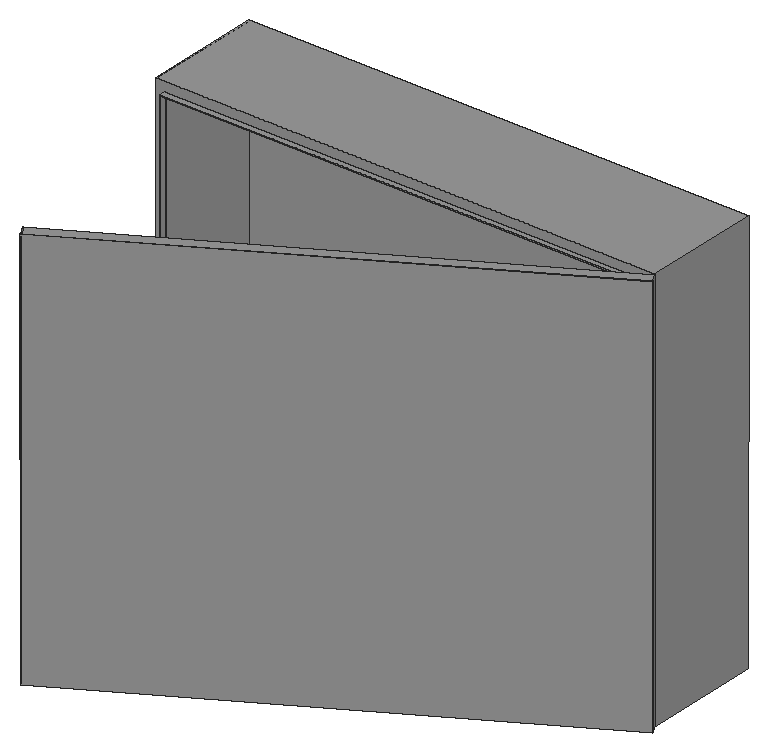
Revit family "Hager-Univers-IP54-D205-H650-Cl.II-Encl-NoHosted-DE-de", category Equipement électrique, Revit 2020
Family settings
  Configuration du panneau = Deux colonnes, circuits au sein
  Cote de connecteur circulaire = Utiliser le diamètre
  Type d'élément = Tableau de raccordement
  Basée sur le plan de construction = Oui
  Toujours verticalement = Oui
  Couper avec des vides une fois chargée = Non
  Partagée = Non
  Point de calcul de pièce = Non
Parameters (values of type "Aufputz IP54 B800 H650 T205  - FP43SW2")
  Width Control [instance] = if([EF000008 - Breite] > Min Width, [EF000008 - Breite], Min Width)  # 800 mm
  Commentaires du type = [HG000003 - Bereich]  # "Univers"
  Thickness Door [instance] = if([EF009171 - Materialstärke Tür/Deckel] > 3 mm, 3 mm, [EF009171 - Materialstärke Tür/Deckel])  # 1 mm
  Seal Frame Offset [instance] = 17 mm  # constant formula
  Plinth Visibility [instance] = [HG000027 - Sockelhöhe] > 0 mm  # no
  Min Width [instance] = 100 mm  # constant formula
  Min Depth [instance] = (2 * [EF009170 - Materialstärke Gehäuse]) + 1 mm  # 3 mm
  Min Height [instance] = 100 mm  # constant formula
  Internal Frame Depth [instance] = (Door System Depth * 0.5)  # 9 mm
  Panel Name [instance] = ""  # (empty or 0)
  Model = ""
  HG000027 - Sockelhöhe = 0 mm
  HG000026 - Stehend auf dem Boden = no
  HG000024 - Höhe des unteren Teils = 600 mm
  HG000023 - Gehäuse mit doppeltem Querschnitt = no
  HG000016 - 3D-Türsichtbarkeit [instance] = yes
  HG000015 - Sichtbarkeit der Türöffnung [instance] = no
  HG000014 - Tür rechts [instance] = yes
  HG000013 - Tür links [instance] = not([HG000014 - Tür rechts])  # no
  HG000012 - Türschwenkwinkel [instance] = 30.00°
  HG000010 - Asymmetrische Türen = no
  HG000009 - Doppelflügeligen Tür = no
  HG000006 - Unterputz = no
  HG000004 - Herstellerreferenz = "FP43SW2"
  HG000003 - Bereich = "Univers"
  HG000002 - Mit tür = yes
  Frame Offset Bottom [instance] = 10 mm  # constant formula
  Frame Offset [instance] = 15 mm  # constant formula
  EF015940 - Deckel mit Überdruckentlastung = no
  EF011959 - Schutzart (NEMA) = ""
  EF009554 - Anzahl der Öffnungen für Flanschplatten = 6
  EF009212 - Ausführung Deckel = "EV000116 - geschlossen"
  EF009171 - Materialstärke Tür/Deckel = 1 mm
  EF009170 - Materialstärke Gehäuse = 1 mm
  EF008873 - Nennstrom (In) = 250 A
  EF007800 - Geeignet für Blitzschutz = no
  EF006306 - Mit Schloss = no
  EF006244 - Transparenter Deckel/Tür = no
  EF005474 - Schutzart (IP) = "EV006419 - IP54"
  EF004464 - Art der Tür = "EV002646 - Einzel"
  EF004427 - Anzahl der Module = 144
  EF004293 - Schlagfestigkeit = "EV006815 - IK09"
  EF003532 - Geeignet für Außengebrauch = no
  EF002950 - Breite in Teilungseinheiten = 36
  EF001613 - Funktionserhalt = "EV000494 - ohne"
  EF001596 - Werkstoff des Gehäuses = "EV000179 - Stahl"
  EF001131 - Innentiefe = 143 mm
  EF001088 - Anbaumöglichkeit = yes
  EF000437 - Anzahl der Leitungseinführungen = 6
  EF000339 - Art der Abdeckung = "EV001012 - Deckel"
  EF000266 - Anzahl der Reihen = 4
  EF000218 - Einbautiefe = 205 mm
  EF000118 - Mit Montageplatte = no
  EF000116 - RAL-Nummer = "9010"
  EF000049 - Tiefe = 205 mm
  EF000040 - Höhe = 650 mm
  EF000008 - Breite = 800 mm
  EF000007 - Farbe = "EV000202 - weiß"
  EF000003 - Montageart = "EV000384 - Aufputz"
  Door System Leaf Tolerance [instance] = 1.5 mm  # constant formula
  Door System Depth [instance] = 18 mm  # constant formula
  Door Height [instance] = Height Control - [HG000027 - Sockelhöhe]  # 650 mm
  Description = ""
  Default Elevation = 1219.2 mm
  Connector Offset [instance] = Height Control / 2  # 325 mm
  Fabricant = "Hager"  # constant formula
  Height Control [instance] = if([EF000040 - Höhe] > Min Height, [EF000040 - Höhe], Min Height)  # 650 mm
  Depth Control [instance] = if([EF000049 - Tiefe] > Min Depth, [EF000049 - Tiefe], Min Depth)  # 205 mm
  Bottom Top Plate Trim [instance] = 1.5 mm  # constant formula
  Plinth height Ctrl [instance] = if([HG000027 - Sockelhöhe] > 0 mm, [HG000027 - Sockelhöhe], 12 mm)  # 12 mm
Types (4, lengths in mm): name | Width Control | HG000009 - Doppelflügeligen Tür | HG000004 - Herstellerreferenz | EF009554 - Anzahl der Öffnungen für Flanschplatten | EF004464 - Art der Tür | EF004427 - Anzahl der Module | EF002950 - Breite in Teilungseinheiten | EF000437 - Anzahl der Leitungseinführungen | EF000008 - Breite
  Aufputz IP54 B1050 H650 T205  - FP44SW2 | 1050 | yes | "FP44SW2" | 8 | "EV003602 - Doppel" | 192 | 48 | 8 | 1050
  Aufputz IP54 B300 H650 T205  - FP41SW2 | 300 | no | "FP41SW2" | 2 | "EV002646 - Einzel" | 48 | 12 | 2 | 300
  Aufputz IP54 B550 H650 T205  - FP42SW2 | 550 | no | "FP42SW2" | 4 | "EV002646 - Einzel" | 96 | 24 | 4 | 550
  Aufputz IP54 B800 H650 T205  - FP43SW2 | 800 | no | "FP43SW2" | 6 | "EV002646 - Einzel" | 144 | 36 | 6 | 800
Reference planes
  plane 1 "Center (Front/Back)": y = 0
  plane 2: z = 0
  plane 3 "Center (Left/Right)": x = 0
  plane 4: y = 0
  plane 5: y = 0
  plane 6: z = 0
  plane 7: x = -400
  plane 8: x = 400
  plane 9: x = 399
  plane 10: x = -399
  plane 11: z = 0
  plane 12: z = 1
  plane 13: y = -205
  plane 14: y = -1
  plane 15: x = 0
  plane 16: y = -187
  plane 17: y = -204
  plane 18: y = -186
  plane 19: x = -384
  plane 20: x = 384
  plane 21: z = 11
  plane 22: x = -383
  plane 23: x = 383
  plane 24: z = 0
  plane 25: z = 650
  plane 26: z = 650
  plane 27: z = 634
  plane 28: z = 649
Forms (mm)
  Extrusion 1, solid, material "Hager_Steel_RAL7035_Light_Grey", detail levels medium+fine
    sketch origin (-208.679, -4572, 0) x (-1, 0, 0) y (0, -1, 0)
      loop
        line (191.321, -4385) -> (-608.679, -4385) -> (-608.679, -4572) -> (191.321, -4572) -> (191.321, -4385)
    from 0 to 650
  Extrusion 2, void
    sketch origin (-350.771, -205, 1219.2) x (1, 0, 0) y (0, 0, 1)
      loop
        line (-48.229, -570.2) -> (-48.229, -1218.2) -> (749.771, -1218.2) -> (749.771, -570.2) -> (-48.229, -570.2)
    from -19 to -204
  Extrusion 3, void
    sketch origin (-290.084, -187, 1219.2) x (1, 0, 0) y (0, 0, 1)
      loop
        line (-93.916, -1208.2) -> (674.084, -1208.2) -> (674.084, -585.2) -> (-93.916, -585.2) -> (-93.916, -1208.2)
    from 0 to -1
  Extrusion 4, solid, material "Hager_Steel_RAL7035_Light_Grey", visible <- "Plinth Visibility", detail levels medium+fine
    sketch origin (0, 0, 0) x (1, 0, 0) y (0, 1, 0)
      loop
        line (-400, 0) -> (-400, -187) -> (400, -187) -> (400, 0) -> (-400, 0)
    from 0 to 12 <- "Plinth height Ctrl"
  Extrusion 5, solid, material "Hager_Steel_RAL7035_Light_Grey", detail levels coarse
    sketch origin (0, 0, 0) x (1, 0, 0) y (0, 1, 0)
      loop
        line (-400, 0) -> (-400, -205) -> (400, -205) -> (400, 0) -> (-400, 0)
    from 0 to 650 <- "Height Control"
  Sweep 6, void
    path in 3D
      loop
        line (-400, -187, 12) -> (400, -187, 12) -> (400, 0, 12) -> (-400, 0, 12) -> (-400, -187, 12)
    profile origin (-400, -93.5, 12) x (1, 0, 0) y (0, 0, 1)
      loop
        line (0, 0) -> (0, -1.5) -> (1.5, -1.5)
        arc (1.5, -1.5) -> (1.061, -0.439) -> (0, 0) r 1.5
  Extrusion 7, solid, material "Hager_Steel_RAL7035_Light_Grey", detail levels fine
    sketch origin (-400, -187, 0) x (1, 0, 0) y (0, 0, 1)
      loop
        line (16, 11) -> (784, 11) -> (784, 634) -> (16, 634) -> (16, 11)
      loop
        line (15, 10) -> (785, 10) -> (785, 635) -> (15, 635) -> (15, 10)
    from 0 to 9 <- "Internal Frame Depth"
Cuts and joins
  Extrusion 2, Extrusion 3 cuts Extrusion 1
  Sweep 6 cuts Extrusion 4
Lines and regions (mm)
  Masking region 1
    outline origin (0, 0, 0) x (1, 0, 0) y (0, 1, 0)
      loop
        line (-400, 0) -> (-400, -205) -> (400, -205) -> (400, 0) -> (-400, 0)
  Masking region 2, detail levels coarse
    outline origin (-290.084, -187, 1219.2) x (-1, 0, 0) y (0, 0, 1)
      loop
        line (-690.084, -1219.2) -> (109.916, -1219.2) -> (109.916, -569.2) -> (-690.084, -569.2) -> (-690.084, -1219.2)
  Masking region 3, detail levels coarse
    outline origin (0, 0, 0) x (0, 1, 0) y (0, 0, 1)
      loop
        line (0, 0) -> (0, 650) -> (-205, 650) -> (-205, 0) -> (0, 0)
  Masking region 4, visible <- "Plinth Visibility", detail levels medium+fine
    outline origin (0, 0, 0) x (0, 1, 0) y (0, 0, 1)
      loop
        line (-1.5, 12) -> (-185.5, 12)
        arc (-185.5, 12) -> (-185.939, 10.939) -> (-187, 10.5) r 1.5
        line (-187, 10.5) -> (-187, 0) -> (0, 0) -> (0, 10.5)
        arc (0, 10.5) -> (-1.061, 10.939) -> (-1.5, 12) r 1.5
  Masking region 5, detail levels medium+fine
    outline origin (0, 0, 594.038) x (0, 1, 0) y (0, 0, 1)
      loop
        line (0, -594.038) -> (0, 55.962) -> (-187, 55.962) -> (-187, -594.038) -> (0, -594.038)
  Masking region 6, detail levels medium+fine
    outline origin (-359.7, -187, 1211.883) x (-1, 0, 0) y (0, 0, 1)
      loop
        line (-759.7, -1211.883) -> (40.3, -1211.883) -> (40.3, -561.883) -> (-759.7, -561.883) -> (-759.7, -1211.883)
  Masking region 7, visible <- "Plinth Visibility", detail levels medium+fine
    outline origin (-320.334, -187, 1041.368) x (-1, 0, 0) y (0, 0, 1)
      loop
        line (-720.334, -1041.368) -> (79.666, -1041.368) -> (79.666, -1030.868)
        arc (79.666, -1030.868) -> (78.606, -1030.429) -> (78.166, -1029.368) r 1.5
        line (78.166, -1029.368) -> (-718.834, -1029.368)
        arc (-718.834, -1029.368) -> (-719.273, -1030.429) -> (-720.334, -1030.868) r 1.5
        line (-720.334, -1030.868) -> (-720.334, -1041.368)
  sketch lines
    curve 1: line (-400, 0, 12) -> (-400, -187, 12)
    curve 2: line (-400, -187, 12) -> (400, -187, 12)
    curve 3: line (400, 0, 12) -> (-400, 0, 12)
    curve 4: line (400, -187, 12) -> (400, 0, 12)
Dimensions and locks
  locked: plane 1 "Center (Front/Back)" to plane 5
  "EF009170 - Materialstärke Gehäuse": plane 7 to plane 10
  "EF009170 - Materialstärke Gehäuse": plane 8 to plane 9
  equal spacing: plane 7, plane 3 "Center (Left/Right)", plane 8
  "Width Control": plane 7 to plane 8
  "Depth Control": plane 4 to plane 13
  "EF009170 - Materialstärke Gehäuse": plane 4 to plane 14
  "Height Control": plane 25 to level
  "HG000027 - Sockelhöhe": plane 11 to level
  "EF009170 - Materialstärke Gehäuse": plane 12 to plane 11
  "EF009170 - Materialstärke Gehäuse": plane 17 to plane 13
  "EF009170 - Materialstärke Gehäuse": plane 18 to plane 16
  "Frame Offset Bottom": plane 21 to plane 12
  "Frame Offset": plane 10 to plane 19
  "Frame Offset": plane 9 to plane 20
  "Door System Depth": plane 16 to plane 13
  "Seal Frame Offset": plane 7 to plane 22
  "Seal Frame Offset": plane 8 to plane 23
  "EF009170 - Materialstärke Gehäuse": plane 26 to plane 28
  "Frame Offset": plane 28 to plane 27
  "Connector Offset": plane 2 to connector elem
  "Bottom Top Plate Trim": profile plane to Sweep 6 sketch curve
  "Bottom Top Plate Trim": Sweep 6 sketch curve to Sweep 6 sketch curve
  "Plinth height Ctrl": Masking region 4 sketch curve to level
  "Plinth height Ctrl": Masking region 7 sketch curve to level
  "Thickness Door": Extrusion 7 sketch curve to Extrusion 7 sketch curve  (x4)
  "Bottom Top Plate Trim": radius of Sweep 6 sketch curve
  "Bottom Top Plate Trim": radius of Masking region 4 sketch curve  (x2)
  "Bottom Top Plate Trim": radius of Masking region 7 sketch curve  (x2)
  aligned and locked: Extrusion 2 sketch curve to plane 12
  aligned and locked: Extrusion 2 sketch curve to plane 9
  aligned and locked: Extrusion 2 sketch curve to plane 10
  aligned and locked: Extrusion 2 to plane 14
  aligned and locked: Extrusion 1 sketch curve to plane 4
  aligned and locked: plane 8 to Extrusion 1 sketch curve
  aligned and locked: plane 7 to Extrusion 1 sketch curve
  aligned and locked: Extrusion 2 to plane 18
  aligned and locked: Extrusion 3 sketch curve to plane 19
  aligned and locked: plane 20 to Extrusion 3 sketch curve
  aligned and locked: Extrusion 3 to Extrusion 2
  aligned and locked: Extrusion 3 sketch curve to plane 21
  aligned and locked: plane 3 "Center (Left/Right)" to nested 1
  aligned and locked: Extrusion 1 sketch curve to plane 16
  aligned and locked: Extrusion 4 sketch curve to cut or joined group of Extrusion 1, Extrusion 2, Extrusion 3
  aligned and locked: Masking region 1 sketch curve to plane 7
  aligned and locked: Masking region 1 sketch curve to plane 5
  aligned and locked: Masking region 1 sketch curve to plane 8
  aligned and locked: Masking region 2 sketch curve to level
  aligned and locked: level to Masking region 3 sketch curve
  aligned and locked: plane 1 "Center (Front/Back)" to Masking region 3 sketch curve
  aligned and locked: plane 13 to Masking region 3 sketch curve
  aligned and locked: plane 5 to Masking region 4 sketch curve
  aligned and locked: Masking region 2 sketch curve to plane 8
  aligned and locked: Masking region 2 sketch curve to plane 7
  aligned and locked: plane 7 to nested 2
  aligned and locked: nested 2 to plane 5
  aligned and locked: plane 5 to Masking region 5 sketch curve
  aligned and locked: plane 26 to Masking region 5 sketch curve
  aligned and locked: Extrusion 5 sketch curve to plane 8
  aligned and locked: Extrusion 5 sketch curve to plane 7
  aligned and locked: Extrusion 5 sketch curve to plane 5
  aligned and locked: Extrusion 3 sketch curve to plane 27
  aligned and locked: Extrusion 2 sketch curve to plane 28
  aligned and locked: Masking region 2 to plane 25
  aligned and locked: Extrusion 4 to plane 16
  aligned and locked: profile plane to Sweep 6 sketch curve
  aligned and locked: Masking region 5 sketch curve to plane 24
  aligned and locked: level to Masking region 4 sketch curve
  aligned and locked: Masking region 1 to plane 13
  aligned and locked: nested 1 to plane 16
  aligned and locked: Masking region 3 to plane 25
  aligned and locked: plane 16 to Masking region 4 sketch curve
  aligned and locked: Masking region 5 sketch curve to plane 16
  aligned and locked: plane 24 to plane 11
  aligned and locked: plane 26 to plane 25
  aligned and locked: plane 26 to cut or joined group of Extrusion 1, Extrusion 2, Extrusion 3
  aligned and locked: nested 1 to plane 24
  aligned and locked: Extrusion 1 to Extrusion 3
  aligned and locked: Masking region 6 sketch curve to plane 8
  aligned and locked: Masking region 6 sketch curve to plane 24
  aligned and locked: Masking region 6 sketch curve to plane 7
  aligned and locked: Masking region 6 sketch curve to plane 26
  aligned and locked: Masking region 7 sketch curve to plane 7
  aligned and locked: level to Masking region 7 sketch curve
  aligned and locked: Masking region 7 sketch curve to plane 8
  aligned and locked: Extrusion 7 sketch curve to cut or joined group of Extrusion 1, Extrusion 2, Extrusion 3  (x4)
Automatic sketch dimensions
  plane 19 to Extrusion 3 sketch curve = 0 mm
  Extrusion 3 sketch curve to plane 20 = 0 mm
  Extrusion 3 sketch curve to plane 21 = 0 mm
  Extrusion 4 sketch curve to plane 7 = 0 mm
  Extrusion 4 sketch curve to plane 8 = 0 mm
  Extrusion 4 sketch curve to plane 16 = 0 mm
  Masking region 1 sketch curve to plane 13 = 0 mm
  Masking region 2 sketch curve to plane 25 = 0 mm
  Masking region 3 sketch curve to plane 25 = 0 mm
  Extrusion 5 sketch curve to plane 13 = 0 mm
  profile plane to Sweep 6 sketch curve = 0 mm
Nested families
  nested 1: "EC000058_Univers_Door" at (0, -187, 0), Double <- "HG000009 - Doppelflügeligen Tür", Transparent <- "EF006244 - Transparenter Deckel/Tür", Angle <- "HG000012 - Türschwenkwinkel", Door_Right <- "HG000014 - Tür rechts", Assymetrical <- "HG000010 - Asymmetrische Türen", Door <- "HG000002 - Mit tür", Width_Ctrl <- "Width Control", 3d_Door <- "HG000016 - 3D-Türsichtbarkeit", Clearance <- "HG000015 - Sichtbarkeit der Türöffnung", Door_Left <- "HG000013 - Tür links", Width <- "Width Control", Door_Depth <- "Door System Depth", Leaf_Tolerance <- "Door System Leaf Tolerance", Height <- "Door Height", Lock_Visibility <- "EF006306 - Mit Schloss", Thickness <- "Thickness Door", type "EC000058_Univers_Door", detail levels medium+fine
    with min_wh 3 mm, Width_Ctrl 800 mm, Width 800 mm, Transparent no, Thickness 1 mm, Seal_Material Hager_Rubber, Lock_Visibility no, Lock_Material Hager_Plastic_RAL9005_Jet_Black, Leaf_Width 800 mm, Leaf_Tolerance_External_Sides 0 mm, Leaf_Tolerance 1.5 mm, Leaf_Offset 0 mm, Leaf_Height 647 mm, Leaf_2_Width 800 mm, Leaf_2_Offset 400 mm, Leaf_1_Width 800 mm, Leaf_1_Offset 400 mm, Height_Ctrl 650 mm, Height 650 mm, Glass_Material Hager_Glass, Double_Clearance_Ctrl no, Double no, Door_Right_Ctrl yes, Door_Right yes, Door_Material Hager_Steel_RAL7035_Light_Grey, Door_Left_Ctrl no, Door_Left no, Door_Depth 18 mm, Door yes, Clearance_Material Hager_Clearance, Clearance_Depth 800 mm, Clearance_Ctrl no, Clearance no, Assymetrical no, Angle 30.00°, 3d_Door yes
  nested 2: "Hager_Enclosure_Symbol" at (-400, 0, 0), Height <- "Depth Control", Width <- "Width Control", type "Hager_Enclosure_Symbol"
    with Width_Ctrl 800 mm, Width 800 mm, Height_Ctrl 205 mm, Height 205 mm, A_Width_Int 13.453 mm, A_Width 161.438 mm, A_Height_Ctrl 179.375 mm, A_Height 179.375 mm
Connectors
  electrical at (0, 0, 325)
    settings: on plane 1 "Center (Front/Back)", index 1, voltage 0 V, apparent load 0 VA, apparent load phase1 0 VA, apparent load phase2 0 VA, apparent load phase3 0 VA, power factor 1, load classification "Other", number of poles 1, system type 30, power factor state 1, is connector primary yes, connector utility no, sub classification motor no, connector description ""
Definition of nested family "EC000058_Univers_Door"
  Parameters (values of type "EC000058_Univers_Door")
    min_wh [instance] = (2 * Thickness) + 1 mm  # 11 mm
    Width_Ctrl [instance] = 400 mm
    Width [instance] = 500 mm
    Transparent [instance] = yes
    Thickness [instance] = 5 mm
    Seal_Material [instance] = none
    Lock_Visibility [instance] = yes
    Lock_Material [instance] = none
    Leaf_Width [instance] = if((Width_Ctrl - 2 * Leaf_Tolerance_External_Sides) > 0 mm, (Width_Ctrl - 2 * Leaf_Tolerance_External_Sides), min_wh)  # 400 mm
    Leaf_Tolerance_External_Sides [instance] = 0 mm  # constant formula
    Leaf_Tolerance [instance] = 1.5 mm
    Leaf_Offset [instance] = 0 mm  # constant formula
    Leaf_Height [instance] = if((Height_Ctrl - 2 * Leaf_Tolerance) > 0 mm, (Height_Ctrl - 2 * Leaf_Tolerance), min_wh)  # 497 mm
    Leaf_2_Width [instance] = if(and(and(Double, Assymetrical), Door_Left), (Leaf_Width / 3) - (Leaf_Tolerance / 2), if(and(and(Double, Assymetrical), Door_Right), (Leaf_Width / 3) * 2 - (Leaf_Tolerance / 2), if(and(Double, not(Assymetrical)), (Leaf_Width / 2) - Leaf_Tolerance, Leaf_Width)))  # 400 mm
    Leaf_2_Offset [instance] = if(and(Double, Assymetrical), Leaf_2_Width / 2, if(and(Double, not(Assymetrical)), Leaf_Width / 4, Leaf_Width / 2))  # 200 mm
    Leaf_1_Width [instance] = if(and(and(Double, Assymetrical), Door_Right), (Leaf_Width / 3) - (Leaf_Tolerance / 2), if(and(and(Double, Assymetrical), Door_Left), (Width / 3) * 2 - (Leaf_Tolerance / 2), if(and(Double, not(Assymetrical)), (Leaf_Width / 2) - Leaf_Tolerance, Leaf_Width)))  # 400 mm
    Leaf_1_Offset [instance] = if(and(Double, Assymetrical), Leaf_1_Width / 2, if(and(Double, not(Assymetrical)), Leaf_Width / 4, Leaf_Width / 2))  # 200 mm
    Height_Ctrl [instance] = if(Height > min_wh, Height, min_wh)  # 500 mm
    Height [instance] = 500 mm
    Glass_Material [instance] = none
    Double_Clearance_Ctrl [instance] = and(Double, Clearance)  # no
    Double [instance] = no
    Door_Right_Ctrl [instance] = and(or(Door_Right, Double), Door)  # yes
    Door_Right [instance] = yes
    Door_Material [instance] = none
    Door_Left_Ctrl [instance] = and(or(Door_Left, Double), Door)  # no
    Door_Left [instance] = no
    Door_Depth [instance] = 30 mm
    Door [instance] = yes
    Default Elevation = 1219.2 mm
    Clearance_Material [instance] = none
    Clearance_Depth [instance] = if(Leaf_1_Width > Leaf_2_Width, Leaf_1_Width, Leaf_2_Width)  # 400 mm
    Clearance_Ctrl [instance] = and(not(Double), Clearance)  # yes
    Clearance [instance] = yes
    Assymetrical [instance] = yes
    Angle [instance] = 30.00°
    3d_Door [instance] = yes
  Reference planes
    plane 1 "Center (Front/Back)": y = 0
    plane 2 "Bottom": z = 0
    plane 3 "Center (Left/Right)": x = 0
    plane 4: z = 500
    plane 5: x = -200
    plane 6: x = 200
    plane 7: z = 500
    plane 8: x = -200
    plane 9: z = 0
    plane 10: x = 200
    plane 11: y = 0
    plane 12: z = 1.5
    plane 13: x = -600
    plane 14: y = -400
    plane 15: x = 600
    plane 16: x = 0
    plane 17: x = 0
    plane 18: x = -200
    plane 19: x = 200
    plane 20: z = 498.5
  Forms (mm)
    Extrusion 1, solid, material <- "Clearance_Material", visible <- "Double_Clearance_Ctrl"
      sketch origin (1200, 0, 0) x (1, 0, 0) y (0, 0, -1)
        loop
          line (-1800, -498.5) -> (-600, -498.5) -> (-600, 0) -> (-1800, 0) -> (-1800, -498.5)
      from 0 to -400
  Dimensions and locks
    equal spacing: plane 5, plane 3 "Center (Left/Right)", plane 6
    "Width_Ctrl": plane 5 to plane 6
    "Leaf_Offset": plane 5 to plane 8
    "Leaf_Offset": plane 6 to plane 10
    "Leaf_Offset": plane 9 to level
    "Leaf_Offset": plane 4 to plane 7
    "Height_Ctrl": plane 4 to level
    "Leaf_Tolerance": plane 12 to plane 9
    locked: plane 11 to plane 1 "Center (Front/Back)"
    "Leaf_1_Offset": plane 18 to plane 16
    "Leaf_2_Offset": plane 17 to plane 19
    "Leaf_1_Width": plane 13 to plane 8
    "Leaf_2_Width": plane 10 to plane 15
    "Clearance_Depth": plane 14 to plane 1 "Center (Front/Back)"
    "Leaf_Tolerance_External_Sides": plane 8 to plane 18
    "Leaf_Tolerance_External_Sides": plane 19 to plane 10
    "Leaf_Tolerance": plane 7 to plane 20
    aligned and locked: level to plane 2 "Bottom"
    aligned and locked: nested 1 to plane 16
    aligned and locked: nested 2 to plane 17
    aligned and locked: Extrusion 1 to plane 13
    aligned and locked: plane 15 to Extrusion 1
    aligned and locked: Extrusion 1 to plane 14
    aligned and locked: plane 12 to nested 1
    aligned and locked: nested 2 to plane 12
    aligned and locked: Extrusion 1 to plane 11
    aligned and locked: plane 20 to Extrusion 1
    aligned and locked: nested 2 to plane 11
    aligned and locked: nested 1 to plane 11
  Automatic sketch dimensions
    Extrusion 1 sketch curve to level = 0 mm
    plane 5 to Extrusion 1 sketch curve = 400 mm
    plane 6 to Extrusion 1 sketch curve = 400 mm
    Extrusion 1 sketch curve to plane 4 = 1.5 mm
  Nested families
    nested 1: "EC000058_Univers_Door_Leaf" at (0, 0, 1.5), Width <- "Leaf_1_Width", visible <- "Door_Left_Ctrl", Leaf_Height <- "Leaf_Height", Angle <- "Angle", 3d_Door <- "3d_Door", Transparent <- "Transparent", Clearance Material <- "Clearance_Material", Clearance <- "Clearance_Ctrl", Door_Material <- "Door_Material", Glass_Material <- "Glass_Material", Door_Depth <- "Door_Depth", Lock_Material <- "Lock_Material", Seal_Material <- "Seal_Material", Lock_Visibility <- "Lock_Visibility", Thickness <- "Thickness", type "EC000058_Univers_Door_Leaf"
      with Width 400 mm, Transparent_Glass_Offset 30 mm, Transparent_Ctrl yes, Transparent yes, Thickness 5 mm, Standard no, Seal_Material none, Seal_D2 8 mm, Seal_D1 1 mm, Offset_Internal_Frame 10 mm, Lock_Width 20 mm, Lock_Visibility_3d yes, Lock_Visibility yes, Lock_Thickness_3 3 mm, Lock_Thickness_2 1 mm, Lock_Thickness_1 3 mm, Lock_Radius_Offset_2 16 mm, Lock_Radius_Offset_1 15 mm, Lock_Radius_2 5 mm, Lock_Radius 6 mm, Lock_Offset 5 mm, Lock_Material none, Lock_Height 80 mm, Lock_Cover_Top_Offset_2d 17 mm, Lock_Cover_Height -65 mm, Leaf_Height 497 mm, Internal_Seal_Thickness 8 mm, Internal_Seal_Depth_2 4.5 mm, Internal_Frame_Depth 25 mm, Glass_Thickness -1 mm, Glass_Offset -2 mm, Glass_Material none, Door_Material none, Door_Depth 30 mm, Clearance Material none, Clearance yes, Angle_Ctrl 30.00°, Angle 30.00°, 3d_Door yes
    nested 2: "EC000058_Univers_Door_Leaf" at (0, 0, 1.5) x (-1, 0, 0) z (0, 0, 1), Width <- "Leaf_2_Width", visible <- "Door_Right_Ctrl", Leaf_Height <- "Leaf_Height", Angle <- "Angle", 3d_Door <- "3d_Door", Transparent <- "Transparent", Clearance Material <- "Clearance_Material", Clearance <- "Clearance_Ctrl", Door_Material <- "Door_Material", Glass_Material <- "Glass_Material", Door_Depth <- "Door_Depth", Lock_Material <- "Lock_Material", Seal_Material <- "Seal_Material", Lock_Visibility <- "Lock_Visibility", Thickness <- "Thickness", type "EC000058_Univers_Door_Leaf"
      with Width 400 mm, Transparent_Glass_Offset 30 mm, Transparent_Ctrl yes, Transparent yes, Thickness 5 mm, Standard no, Seal_Material none, Seal_D2 8 mm, Seal_D1 1 mm, Offset_Internal_Frame 10 mm, Lock_Width 20 mm, Lock_Visibility_3d yes, Lock_Visibility yes, Lock_Thickness_3 3 mm, Lock_Thickness_2 1 mm, Lock_Thickness_1 3 mm, Lock_Radius_Offset_2 16 mm, Lock_Radius_Offset_1 15 mm, Lock_Radius_2 5 mm, Lock_Radius 6 mm, Lock_Offset 5 mm, Lock_Material none, Lock_Height 80 mm, Lock_Cover_Top_Offset_2d 17 mm, Lock_Cover_Height -65 mm, Leaf_Height 497 mm, Internal_Seal_Thickness 8 mm, Internal_Seal_Depth_2 4.5 mm, Internal_Frame_Depth 25 mm, Glass_Thickness -1 mm, Glass_Offset -2 mm, Glass_Material none, Door_Material none, Door_Depth 30 mm, Clearance Material none, Clearance yes, Angle_Ctrl 30.00°, Angle 30.00°, 3d_Door yes
  Definition of nested family "EC000058_Univers_Door_Leaf"
    Parameters (values of type "EC000058_Univers_Door_Leaf")
      Width [instance] = 2000 mm
      Transparent_Glass_Offset [instance] = 30 mm
      Transparent_Ctrl [instance] = and(Transparent, [3d_Door])  # yes
      Transparent [instance] = yes
      Thickness [instance] = 5 mm
      Standard [instance] = and(not(Transparent), [3d_Door])  # no
      Seal_Material [instance] = none
      Seal_D2 [instance] = 8 mm  # constant formula
      Seal_D1 [instance] = 1 mm  # constant formula
      Offset_Internal_Frame [instance] = 10 mm  # constant formula
      Lock_Width [instance] = 20 mm  # constant formula
      Lock_Visibility_3d [instance] = and(Lock_Visibility, [3d_Door])  # yes
      Lock_Visibility [instance] = yes
      Lock_Thickness_3 [instance] = 3 mm  # constant formula
      Lock_Thickness_2 [instance] = 1 mm  # constant formula
      Lock_Thickness_1 [instance] = 3 mm  # constant formula
      Lock_Radius_Offset_2 [instance] = Lock_Radius_Offset_1 + 1 mm  # 16 mm
      Lock_Radius_Offset_1 [instance] = 15 mm  # constant formula
      Lock_Radius_2 [instance] = Lock_Radius - 1 mm  # 5 mm
      Lock_Radius [instance] = 6 mm  # constant formula
      Lock_Offset [instance] = 5 mm  # constant formula
      Lock_Material [instance] = none
      Lock_Height [instance] = 80 mm  # constant formula
      Lock_Cover_Top_Offset_2d [instance] = Lock_Radius_Offset_2 + 1 mm  # 17 mm
      Lock_Cover_Height [instance] = -(Lock_Height - Lock_Radius_Offset_1)  # -65 mm
      Leaf_Height [instance] = 2720.336 mm
      Internal_Seal_Thickness [instance] = 8 mm  # constant formula
      Internal_Seal_Depth_2 [instance] = 4.5 mm  # constant formula
      Internal_Frame_Depth [instance] = if(Door_Depth - Thickness > 5 mm, Door_Depth - Thickness, 5 mm)  # 25 mm
      Glass_Thickness [instance] = if(Thickness > 15 mm, Glass_Offset + 10 mm, -1 mm)  # -1 mm
      Glass_Offset [instance] = if(Thickness > 15 mm, -(Thickness + 10 mm) / 2, -2 mm)  # -2 mm
      Glass_Material [instance] = none
      Door_Material [instance] = none
      Door_Depth [instance] = 30 mm
      Default Elevation = 0 mm
      Clearance Material [instance] = none
      Clearance [instance] = yes
      Angle_Ctrl [instance] = if(Angle > 180.00°, 180.00°, Angle)  # 90.00°
      Angle [instance] = 90.00°
      3d_Door [instance] = yes
    Reference planes
      plane 1 "Center (Front/Back)": y = 0
      plane 2: z = 0
      plane 3 "Center (Left/Right)": x = 0
      plane 4: y = 2000
      plane 5: x = -1000
      plane 6: x = 1000
      plane 7: x = -3000
      plane 8: z = 2720.336
      plane 9: z = 30
      plane 10: z = 2690.336
      plane 11: x = 970
      plane 12: x = -970
      plane 13: y = -3
      plane 14: z = 107.833
      plane 15: y = -5
      plane 16: y = -223.314
      plane 17: x = -1000
      plane 18: z = 1360.168
      plane 19: y = 30
    Forms (mm)
      Extrusion 1, solid, material <- "Clearance Material", visible <- "Clearance"
        sketch origin (0, 0, 0) x (1, 0, 0) y (0, 0, 1)
          loop
            line (-3000, 2720.336) -> (-3000, 0) -> (1000, 0) -> (1000, 2720.336) -> (-3000, 2720.336)
        from 0 to -2000
      Extrusion 2, solid, material <- "Door_Material", visible <- "Standard", detail levels medium+fine
        sketch origin (-1000, 0, 0) x (0, 1, 0) y (-1, 0, 0)
          loop
            line (0, 30) -> (0, 25) -> (2000, 25) -> (2000, 30) -> (0, 30)
        from 0 to 2720.336 <- "Leaf_Height"
      Extrusion 3, solid, material <- "Door_Material", visible <- "Transparent_Ctrl", detail levels medium+fine
        sketch origin (-1000, 0, 0) x (0, 1, 0) y (-1, 0, 0)
          loop
            line (0, 25) -> (2000, 25) -> (2000, 30) -> (0, 30) -> (0, 25)
        from 0 to 2720.336 <- "Leaf_Height"
      Extrusion 4, void
        sketch origin (-1025, 2000, 0) x (0, 1, 0) y (0, 0, -1)
          loop
            line (-30, -2690.336) -> (-30, -30) -> (-1970, -30) -> (-1970, -2690.336) -> (-30, -2690.336)
        from 0 to 5 <- "Thickness"
      Sweep 5, solid, material <- "Seal_Material", visible <- "Transparent_Ctrl", detail levels fine
        path in 3D
          loop
            line (-1025, 30, 30) -> (-1025, 30, 2690.336) -> (-1025, 1970, 2690.336) -> (-1025, 1970, 30) -> (-1025, 30, 30)
        profile origin (-1025, 1000, 30) x (1, 0, 0) y (0, 0, 1)
          loop
            line (0, 0) -> (0, -8) -> (1, -8) -> (1, 0) -> (0, 0)
      Extrusion 6, solid, material <- "Glass_Material", visible <- "Transparent_Ctrl", detail levels medium+fine
        sketch origin (-1030, 0, 0) x (0, 1, 0) y (0, 0, -1)
          loop
            line (1970, -2690.336) -> (1970, -30) -> (30, -30) -> (30, -2690.336) -> (1970, -2690.336)
        from -2 <- "Glass_Offset" to -1 <- "Glass_Thickness"
      Extrusion 7, solid, material <- "Door_Material", visible <- "3d_Door", detail levels medium+fine
        sketch origin (-1025, 2000, 0) x (0, -1, 0) y (0, 0, -1)
          loop
            line (0, -2720.336) -> (2000, -2720.336) -> (2000, 0) -> (0, 0) -> (0, -2720.336)
          loop
            line (1995, -5) -> (5, -5) -> (5, -2715.336) -> (1995, -2715.336) -> (1995, -5)
        from 0 to 25 <- "Internal_Frame_Depth"
      Sweep 8, solid, material <- "Seal_Material", visible <- "Transparent_Ctrl", detail levels fine
        path in 3D
          loop
            line (-1025, 0, 0) -> (-1025, 2000, 0) -> (-1025, 2000, 2720.336) -> (-1025, 0, 2720.336) -> (-1025, 0, 0)
        profile origin (-1025, 0, 1360.168) x (1, 0, 0) y (0, 1, 0)
          loop
            line (0, 10) -> (2.975, 10)
            arc (2.975, 10) -> (4.053, 10.447) -> (4.5, 11.525) r 1.525
            line (4.5, 11.525) -> (4.5, 16.527)
            arc (4.5, 16.527) -> (4.069, 17.569) -> (3.027, 18) r 1.473
            line (3.027, 18) -> (0, 18) -> (0, 10)
      Extrusion 9, solid, material <- "Lock_Material", visible <- "Lock_Visibility_3d", detail levels fine
        sketch origin (-1030, 0, 0) x (0, 1, 0) y (0, 0, -1)
          loop
            arc (1993.5, -1400.168) -> (1994.561, -1399.729) -> (1995, -1398.668) r 1.5
            line (1995, -1398.668) -> (1995, -1320.168) -> (1975, -1320.168) -> (1975, -1398.668)
            arc (1975, -1398.668) -> (1975.439, -1399.729) -> (1976.5, -1400.168) r 1.5
            line (1976.5, -1400.168) -> (1993.5, -1400.168)
        from 3 <- "Lock_Thickness_1" to 0
      Blend 10, solid, material <- "Lock_Material", visible <- "Lock_Visibility_3d", detail levels fine
        base sketch origin (-1033, 0, 0) x (0, 1, 0) y (0, 0, -1)
          loop
            line (1975, -1320.168) -> (1975, -1398.668)
            arc (1975, -1398.668) -> (1975.439, -1399.729) -> (1976.5, -1400.168) r 1.5
            line (1976.5, -1400.168) -> (1993.5, -1400.168)
            arc (1993.5, -1400.168) -> (1994.561, -1399.729) -> (1995, -1398.668) r 1.5
            line (1995, -1398.668) -> (1995, -1320.168) -> (1975, -1320.168)
        top sketch origin (-1033, 0, 0) x (0, 1, 0) y (0, 0, -1)
          loop
            line (1976, -1320.168) -> (1976, -1398.668)
            arc (1976, -1398.668) -> (1976.146, -1399.022) -> (1976.5, -1399.168) r 0.5
            line (1976.5, -1399.168) -> (1993.5, -1399.168)
            arc (1993.5, -1399.168) -> (1993.854, -1399.022) -> (1994, -1398.668) r 0.5
            line (1994, -1398.668) -> (1994, -1320.168) -> (1976, -1320.168)
        from 0 to 1 <- "Lock_Thickness_2"
      Blend 11, solid, material <- "Lock_Material", visible <- "Lock_Visibility_3d", detail levels fine
        base sketch origin (-1034, 0, 0) x (0, 1, 0) y (0, 0, -1)
          loop
            line (1978, -1320.168) -> (1978, -1384.168)
            arc (1978, -1384.168) -> (1985, -1391.168) -> (1992, -1384.168) r 7
            line (1992, -1384.168) -> (1992, -1320.168) -> (1978, -1320.168)
        top sketch origin (-1034, 0, 0) x (0, 1, 0) y (0, 0, -1)
          loop
            line (1991, -1320.168) -> (1979, -1320.168) -> (1979, -1383.168)
            arc (1979, -1383.168) -> (1985, -1389.168) -> (1991, -1383.168) r 6
            line (1991, -1383.168) -> (1991, -1320.168)
        from 0 to 3 <- "Lock_Thickness_3"
      Extrusion 12, solid, material <- "Lock_Material", visible <- "Lock_Visibility_3d", detail levels fine
        sketch origin (-1030, 1975, 1320.168) x (1, 0, 0) y (0, -1, 0)
          loop
            line (-7, -19) -> (-7, -1) -> (0, -1) -> (0, 0) -> (-8, 0) -> (-8, -20) -> (0, -20) -> (0, -19) -> (-7, -19)
        from 0 to -65 <- "Lock_Cover_Height"
      Extrusion 13, void
        sketch origin (-1038, 1995, 1320.168) x (-1, 0, 0) y (0, 0, -1)
          loop
            line (-5, -65) -> (0, -65) -> (-5, -60) -> (-5, -65)
        from 0 to 20 <- "Lock_Width"
      Extrusion 14, void
        sketch origin (-1038, 1975, 1320.168) x (0, -1, 0) y (0, 0, -1)
          loop
            circle (-10, -15.995) r 6
          loop
            circle (-10, -15.995) r 5
        from 0 to 2
      Extrusion 15, solid, material <- "Lock_Material", visible <- "Lock_Visibility_3d", detail levels medium
        sketch origin (-1030, 0, 0) x (0, 1, 0) y (0, 0, -1)
          loop
            arc (1993.5, -1400.168) -> (1994.561, -1399.729) -> (1995, -1398.668) r 1.5
            line (1995, -1398.668) -> (1995, -1320.168) -> (1975, -1320.168) -> (1975, -1398.668)
            arc (1975, -1398.668) -> (1975.439, -1399.729) -> (1976.5, -1400.168) r 1.5
            line (1976.5, -1400.168) -> (1993.5, -1400.168)
        from 8 to 0
    Cuts and joins
      Extrusion 4 cuts Extrusion 3
      Extrusion 13, Extrusion 14 cuts Extrusion 9
      Extrusion 14 cuts Blend 11
      Extrusion 13, Extrusion 14 cuts Extrusion 12
      joined: Extrusion 9, Blend 10, Blend 11, Extrusion 12
      Extrusion 14 cuts Extrusion 15
    Lines and regions (mm)
      Masking region 1, visible <- "Lock_Visibility", detail levels fine
        outline origin (0, 0, 0) x (0, 1, 0) y (0, 0, 1)
          loop
            line (30, 1320.168) -> (33, 1320.168) -> (33, 1400.168) -> (30, 1400.168) -> (30, 1320.168)
      Masking region 2, visible <- "Lock_Visibility", detail levels fine
        outline origin (0, 3.143, 0) x (0, 1, 0) y (0, 0, 1)
          loop
            line (29.857, 1354.168) -> (30.857, 1354.168) -> (30.857, 1366.168) -> (29.857, 1366.168) -> (29.857, 1354.168)
      Masking region 3, detail levels medium+fine
        outline origin (0, 0, 0) x (0, 1, 0) y (0, 0, 1)
          loop
            line (0, 0) -> (30, 0) -> (30, 2720.336) -> (0, 2720.336) -> (0, 0)
      Masking region 4, detail levels medium+fine
        outline origin (0, 0, 0) x (1, 0, 0) y (0, 0, 1)
          loop
            line (-1000, 2720.336) -> (-1000, 0) -> (1000, 0) -> (1000, 2720.336) -> (-1000, 2720.336)
      Masking region 5, visible <- "Lock_Visibility", detail levels fine
        outline origin (-47.116, 0, 0) x (1, 0, 0) y (0, 0, 1)
          loop
            arc (1024.616, 1399.168) -> (1023.556, 1398.729) -> (1023.116, 1397.668) r 1.5
            line (1023.116, 1397.668) -> (1023.116, 1320.168) -> (1041.116, 1320.168) -> (1041.116, 1397.668)
            arc (1041.116, 1397.668) -> (1040.677, 1398.729) -> (1039.616, 1399.168) r 1.5
            line (1039.616, 1399.168) -> (1024.616, 1399.168)
      Masking region 6, visible <- "Lock_Visibility", detail levels medium+fine
        outline origin (-25, 0, 0) x (1, 0, 0) y (0, 0, 1)
          loop
            arc (1001.5, 1400.168) -> (1000.439, 1399.729) -> (1000, 1398.668) r 1.5
            line (1000, 1398.668) -> (1000, 1320.168) -> (1020, 1320.168) -> (1020, 1398.668)
            arc (1020, 1398.668) -> (1019.561, 1399.729) -> (1018.5, 1400.168) r 1.5
            line (1018.5, 1400.168) -> (1001.5, 1400.168)
      Masking region 7, visible <- "Lock_Visibility", detail levels fine
        outline origin (-73.735, 0, 0) x (1, 0, 0) y (0, 0, 1)
          loop
            line (1051.735, 1382.168) -> (1065.735, 1382.168) -> (1065.735, 1384.168)
            arc (1065.735, 1384.168) -> (1058.735, 1391.168) -> (1051.735, 1384.168) r 7
            line (1051.735, 1384.168) -> (1051.735, 1382.168)
      Masking region 8, visible <- "Lock_Visibility", detail levels fine
        outline origin (-73.735, 0, 0) x (1, 0, 0) y (0, 0, 1)
          loop
            line (1052.735, 1382.168) -> (1064.735, 1382.168) -> (1064.735, 1383.168)
            arc (1064.735, 1383.168) -> (1058.735, 1389.168) -> (1052.735, 1383.168) r 6
            line (1052.735, 1383.168) -> (1052.735, 1382.168)
      Masking region 9, visible <- "Lock_Visibility", detail levels fine
        outline origin (-25, 0, 0) x (1, 0, 0) y (0, 0, 1)
          loop
            line (1020, 1320.168) -> (1020, 1382.168) -> (1000, 1382.168) -> (1000, 1320.168) -> (1020, 1320.168)
      Masking region 10, detail levels medium+fine
        outline origin (0, 0, 0) x (1, 0, 0) y (0, 0, 1)
          loop
            circle (985, 1335.144) r 6
      Masking region 11, detail levels fine
        outline origin (0, 0, 0) x (1, 0, 0) y (0, 0, 1)
          loop
            circle (985, 1335.144) r 5
      Masking region 12, visible <- "Lock_Visibility", detail levels fine
        outline origin (0, 12.767, 0) x (0, 1, 0) y (0, 0, 1)
          loop
            line (20.233, 1320.168) -> (21.233, 1320.168) -> (21.233, 1399.168) -> (20.233, 1400.168) -> (20.233, 1320.168)
      Masking region 13, visible <- "Lock_Visibility", detail levels fine
        outline origin (0, 13.767, -10) x (0, 1, 0) y (0, 0, 1)
          loop
            line (20.233, 1330.168) -> (23.233, 1330.168) -> (23.233, 1399.168) -> (20.233, 1402.168) -> (20.233, 1330.168)
      Masking region 14, visible <- "Lock_Visibility", detail levels fine
        outline origin (0, 12.767, -10) x (0, 1, 0) y (0, 0, 1)
          loop
            line (20.233, 1330.168) -> (25.233, 1330.168) -> (25.233, 1399.305) -> (20.233, 1394.305) -> (20.233, 1330.168)
      Masking region 15, visible <- "Lock_Visibility", detail levels medium
        outline origin (0, 0, 0) x (0, 1, 0) y (0, 0, 1)
          loop
            line (30, 1320.168) -> (38, 1320.168) -> (38, 1400.168) -> (30, 1400.168) -> (30, 1320.168)
      Masking region 16, visible <- "Lock_Visibility", detail levels fine
        outline origin (-1000, 0, 0) x (0, 1, 0) y (-1, 0, 0)
          loop
            line (1975, 30) -> (1995, 30) -> (1995, 38) -> (1975, 38) -> (1975, 30)
          loop
            line (1979, 37) -> (1976, 37) -> (1976, 34) -> (1978, 34) -> (1979, 37)
          loop
            line (1994, 37) -> (1991, 37) -> (1992, 34) -> (1994, 34) -> (1994, 37)
      Masking region 17, visible <- "Lock_Visibility", detail levels medium
        outline origin (-1000, 0, 0) x (0, 1, 0) y (-1, 0, 0)
          loop
            line (1975, 30) -> (1995, 30) -> (1995, 38) -> (1975, 38) -> (1975, 30)
      symbolic lines
        curve 1: line (1000, 0, 0) -> (-3000, 0, 0)
        curve 2: arc (1000, 0, 0) -> (-1000, 2000, 0) -> (-3000, 0, 0) r 2000
        curve 4: line (-1030, 0, 0) -> (-1030, 2000, 0)
      reference lines
        curve 3: line (-1000, 0, 0) -> (-1000, 2000, 0)
      symbolic lines, detail levels medium+fine
        curve 5: line (-1030, 2000, 0) -> (-1025, 2000, 0)
        curve 7: line (-1025, 0, 0) -> (-1030, 0, 0)
        curve 8: line (-1025, 0, 0) -> (-1000, 0, 0)
        curve 9: line (-1000, 0, 0) -> (-1000, 2000, 0)
        curve 10: line (-1000, 2000, 0) -> (-1025, 2000, 0)
      symbolic lines, detail levels fine
        curve 6: line (-1025, 2000, 0) -> (-1025, 0, 0)
      sketch lines
        curve 11: line (-1025, 0, 2720.336) -> (-1025, 0, 0)
        curve 12: line (-1025, 2000, 0) -> (-1025, 0, 0)
        curve 13: line (-1025, 2000, 2720.336) -> (-1025, 2000, 0)
        curve 14: line (-1025, 0, 2720.336) -> (-1025, 2000, 2720.336)
        curve 15: line (-1025, 1970, 30) -> (-1025, 30, 30)
        curve 16: line (-1025, 30, 30) -> (-1025, 30, 2690.336)
        curve 17: line (-1025, 1970, 2690.336) -> (-1025, 1970, 30)
        curve 18: line (-1025, 30, 2690.336) -> (-1025, 1970, 2690.336)
      symbolic lines, visible <- "Transparent", detail levels medium+fine
        curve 19: line (-970, 0, 2690.336) -> (970, 0, 2690.336)
        curve 20: line (-970, 0, 30) -> (-970, 0, 2690.336)
        curve 21: line (970, 0, 30) -> (-970, 0, 30)
        curve 22: line (970, 0, 2690.336) -> (970, 0, 30)
    Dimensions and locks
      "Width": plane 1 "Center (Front/Back)" to plane 4
      equal spacing: plane 5, plane 3 "Center (Left/Right)", plane 6
      "Width": plane 5 to plane 6
      "Width": plane 7 to plane 5
      "Leaf_Height": plane 8 to level
      "Width": curve 5 to curve 3
      "Width": curve 3 to curve 3
      plane 8 to plane 10 = 30 mm
      plane 9 to level = 30 mm
      plane 12 to plane 5 = 30 mm
      plane 6 to plane 11 = 30 mm
      Extrusion 1 to Extrusion 4 sketch curve = 30 mm
      "Transparent_Glass_Offset": curve 3 to Extrusion 4 sketch curve
      "Transparent_Glass_Offset": Extrusion 4 sketch curve to cut or joined group of Extrusion 3, Extrusion 4  (x2)
      cut or joined group of Extrusion 3, Extrusion 4 to Extrusion 6 sketch curve = 30 mm
      "Transparent_Glass_Offset": cut or joined group of Extrusion 3, Extrusion 4 to Extrusion 4 sketch curve
      "Thickness": curve 6 to curve 4
      "Thickness": Extrusion 7 sketch curve to Extrusion 7 sketch curve  (x4)
      "Door_Depth": curve 4 to curve 3
      "Offset_Internal_Frame": profile plane to Sweep 8 sketch curve
      "Internal_Seal_Thickness": Sweep 8 sketch curve to Sweep 8 sketch curve
      "Internal_Seal_Depth_2": profile plane to Sweep 8 sketch curve
      "Seal_D1": profile plane to Sweep 5 sketch curve
      "Seal_D2": profile plane to Sweep 5 sketch curve
      "Thickness": Extrusion 2 sketch curve to Extrusion 2 sketch curve
      equal spacing: Extrusion 9 sketch curve, plane 18, Extrusion 9 sketch curve  (x2)
      equal spacing: Masking region 1 sketch curve, plane 18, Masking region 1 sketch curve
      "Lock_Height": Masking region 1 sketch curve to Masking region 1 sketch curve
      "Lock_Radius": Masking region 2 sketch curve to plane 18 to Masking region 2 sketch curve
      Masking region 2 sketch curve to Masking region 1 = 1 mm
      "Door_Depth": plane 19 to plane 1 "Center (Front/Back)"
      "Lock_Thickness_1": Masking region 1 sketch curve to plane 19
      "Lock_Width": Extrusion 9 sketch curve to Extrusion 9 sketch curve
      "Lock_Height": Extrusion 9 sketch curve to Extrusion 9 sketch curve
      "Lock_Offset": cut or joined group of Extrusion 3, Extrusion 4 to Extrusion 9 sketch curve
      equal spacing: plane 8, plane 18, level
      "Lock_Radius_Offset_1": Blend 11 sketch curve to Blend 10
      locked: Blend 10 to Blend 11 sketch curve at 2  (x2)
      locked: var sketch to Blend 11 sketch curve at 1  (x2)
      "Lock_Radius_Offset_2": Blend 11 sketch curve to Blend 10
      locked: Extrusion 12 sketch curve to Extrusion 12 sketch curve at 1  (x3)
      Masking region 6 sketch curve to Masking region 6 sketch curve = 80 mm
      "Lock_Height": Masking region 6 sketch curve to Masking region 6 sketch curve
      "Lock_Width": Masking region 6 sketch curve to Masking region 6 sketch curve
      locked: Masking region 6 to Masking region 5 sketch curve at 1  (x3)
      locked: Masking region 5 to Masking region 7 sketch curve at 2  (x2)
      "Lock_Radius_Offset_1": Masking region 5 to Masking region 7 sketch curve
      "Lock_Radius_Offset_2": Masking region 5 to Masking region 8 sketch curve
      locked: Masking region 7 to Masking region 8 sketch curve at 1  (x2)
      "Lock_Cover_Top_Offset_2d": Masking region 5 to Masking region 9 sketch curve
      equal spacing: Masking region 9, Masking region 10 sketch curve, Masking region 9
      equal spacing: Masking region 9, Masking region 11 sketch curve, Masking region 9
      Extrusion 15 sketch curve to Extrusion 15 sketch curve = 80 mm
      "Lock_Width": Extrusion 15 sketch curve to Extrusion 15 sketch curve
      "Lock_Height": Extrusion 15 sketch curve to Extrusion 15 sketch curve
      equal spacing: Extrusion 15 sketch curve, plane 18, Extrusion 15 sketch curve
      "Lock_Thickness_3": Masking region 13 sketch curve to Masking region 13 sketch curve
      "Lock_Height": Masking region 12 sketch curve to Masking region 12 sketch curve
      locked: Masking region 13 sketch curve to Masking region 1 at 8
      locked: Masking region 14 sketch curve to Masking region 13 at 1
      locked: Masking region 14 sketch curve to Masking region 1 at 10.863
      "Lock_Height": Masking region 15 sketch curve to Masking region 15 sketch curve
      "Lock_Offset": Extrusion 15 sketch curve to cut or joined group of Extrusion 3, Extrusion 4
      "Lock_Offset": plane 6 to Masking region 6 sketch curve
      radius of Sweep 8 sketch curve = 1.525 mm
      radius of Sweep 8 sketch curve = 1.473 mm
      radius of Extrusion 9 sketch curve = 1.5 mm  (x2)
      "Lock_Radius": radius of Extrusion 14 sketch curve
      "Lock_Radius_2": radius of Extrusion 14 sketch curve
      "Lock_Radius": radius of Masking region 10 sketch curve
      "Lock_Radius_2": radius of Masking region 11 sketch curve
      radius of Extrusion 15 sketch curve = 1.5 mm  (x2)
      "Angle_Ctrl": angle plane 1 "Center (Front/Back)" to curve 3
      locked: Masking region 12 sketch curve to Masking region 12 sketch curve (angle 45.00°)
      locked: Masking region 13 sketch curve to Masking region 13 sketch curve (angle 45.00°)
      locked: Masking region 14 sketch curve to Masking region 14 sketch curve (angle 45.00°)
      aligned and locked: level to plane 2
      aligned and locked: Extrusion 1 to curve 1
      aligned and locked: plane 6 to Extrusion 1
      aligned and locked: Extrusion 1 to plane 1 "Center (Front/Back)"
      aligned and locked: plane 4 to Extrusion 1
      aligned and locked: plane 8 to Extrusion 1
      aligned and locked: curve 7 to Extrusion 2 sketch curve
      aligned and locked: curve 5 to Extrusion 2 sketch curve
      aligned and locked: curve 7 to Extrusion 3 sketch curve
      aligned and locked: Extrusion 3 sketch curve to curve 4
      aligned and locked: Extrusion 3 sketch curve to curve 6
      aligned and locked: Extrusion 3 sketch curve to curve 5
      aligned and locked: curve 9 to curve 3
      aligned and locked: Extrusion 7 sketch curve to cut or joined group of Extrusion 3, Extrusion 4  (x4)
      aligned and locked: plane 17 to curve 3
      aligned and locked: plane 1 "Center (Front/Back)" to curve 3
      aligned and locked: plane 17 to plane 5
      aligned and locked: Sweep 8 sketch curve to profile plane
      aligned and locked: Sweep 5 sketch curve to profile plane  (x2)
      aligned and locked: Masking region 1 to Masking region 2 sketch curve
      aligned and locked: plane 19 to Masking region 1 sketch curve
      aligned and locked: plane 1 "Center (Front/Back)" to Masking region 3 sketch curve
      aligned and locked: plane 19 to Masking region 3 sketch curve
      aligned and locked: level to Masking region 3 sketch curve
      aligned and locked: Masking region 3 sketch curve to plane 8
      aligned and locked: plane 17 to Masking region 4 sketch curve
      aligned and locked: level to Masking region 4 sketch curve
      aligned and locked: Masking region 4 sketch curve to plane 8
      aligned and locked: plane 12 to curve 20
      aligned and locked: plane 10 to curve 19
      aligned and locked: plane 11 to curve 22
      aligned and locked: curve 21 to plane 9
      aligned and locked: Extrusion 2 sketch curve to cut or joined group of Extrusion 3, Extrusion 4
      aligned and locked: Blend 10 sketch curve to Extrusion 9  (x4)
      aligned and locked: Extrusion 9 to Blend 10 sketch curve
      aligned and locked: Blend 10 to Blend 11 sketch curve
      aligned and locked: Extrusion 12 sketch curve to Blend 11
      aligned and locked: Extrusion 12 sketch curve to Extrusion 9  (x4)
      aligned and locked: Masking region 5 sketch curve to Masking region 6
      aligned and locked: Masking region 9 sketch curve to Masking region 6  (x3)
      aligned and locked: Masking region 12 sketch curve to Masking region 1
      aligned and locked: Masking region 13 sketch curve to Masking region 1
      aligned and locked: Masking region 12 to Masking region 14
      aligned and locked: Masking region 14 sketch curve to Masking region 1
      aligned and locked: Masking region 15 sketch curve to Masking region 14
      aligned and locked: Masking region 13 sketch curve to Masking region 12
      aligned and locked: Masking region 16 sketch curve to cut or joined group of Extrusion 14, Extrusion 15  (x4)
      aligned and locked: Masking region 16 sketch curve to cut or joined group of Extrusion 9, Blend 10, Blend 11, Extrusion 12, Extrusion 13, Extrusion 14  (x6)
      aligned and locked: cut or joined group of Extrusion 9, Blend 10, Blend 11, Extrusion 12, Extrusion 13, Extrusion 14 to Masking region 16 sketch curve
      aligned and locked: Masking region 17 sketch curve to cut or joined group of Extrusion 14, Extrusion 15  (x3)
      aligned and locked: Masking region 17 sketch curve to cut or joined group of Extrusion 9, Blend 10, Blend 11, Extrusion 12, Extrusion 13, Extrusion 14
      aligned and locked: Masking region 9 to Masking region 8 sketch curve
      aligned and locked: Masking region 9 to Masking region 7 sketch curve
    Automatic sketch dimensions
      plane 1 "Center (Front/Back)" to curve 2 = 0 mm
      curve 2 to plane 5 = 0 mm
      Extrusion 1 sketch curve to level = 0 mm
      Extrusion 1 sketch curve to plane 7 = 0 mm
      Extrusion 1 sketch curve to plane 6 = 0 mm
      Extrusion 1 sketch curve to plane 8 = 0 mm
      Extrusion 3 to Extrusion 6 sketch curve = 30 mm  (x4)
      Masking region 4 sketch curve to plane 6 = 0 mm
      Blend 10 sketch curve to Extrusion 9 = 1.5 mm
      Blend 10 sketch curve to Extrusion 9 = 1 mm
      Extrusion 13 sketch curve to Extrusion 12 = 0 mm  (x2)
      Extrusion 12 to Extrusion 13 sketch curve = 3 mm
      Extrusion 13 sketch curve to Extrusion 12 = 5 mm
      Extrusion 14 sketch curve to Extrusion 14 sketch curve = 0 mm  (x2)
      Extrusion 14 sketch curve to Extrusion 12 = 10 mm
      Extrusion 14 sketch curve to Extrusion 12 = 15.995 mm
      Masking region 5 sketch curve to Masking region 5 sketch curve = 1.5 mm  (x2)
      Masking region 10 sketch curve to plane 18 = 25.024 mm
      Masking region 11 sketch curve to plane 18 = 25.024 mm
      plane 19 to Masking region 14 sketch curve = 3 mm
      Masking region 16 sketch curve to Masking region 16 sketch curve = 3 mm
      curve 4 to curve 3 = 0 mm
      Blend 10 to Blend 11 sketch curve = 0 mm
      Masking region 6 sketch curve to Masking region 6 sketch curve = 1.5 mm  (x2)
      Masking region 6 sketch curve to plane 18 = 40 mm
      plane 19 to Masking region 12 sketch curve = 3 mm
      Masking region 12 sketch curve to Masking region 12 sketch curve = 1 mm
      Masking region 15 sketch curve to plane 19 = 0 mm
      Masking region 15 sketch curve to plane 18 = 40 mm
      radius of Blend 10 sketch curve to Extrusion 9 = 1 mm
Definition of nested family "Hager_Enclosure_Symbol"
  Parameters (values of type "Hager_Enclosure_Symbol")
    Width_Ctrl [instance] = if(Width > 1 mm, Width, 1 mm)  # 102.27 mm
    Width [instance] = 102.27 mm
    Height_Ctrl [instance] = if(Height > 1 mm, Height, 1 mm)  # 66.5 mm
    A_Width_Int [instance] = if(A_Width / 12 > 2 mm, A_Width / 12, 2 mm)  # 4.364 mm
    A_Width [instance] = if(A_Height_Ctrl * 0.9 > 2 mm, A_Height_Ctrl * 0.9, 2 mm)  # 52.369 mm
    A_Height_Ctrl [instance] = if(A_Height > 2 mm, A_Height, 2 mm)  # 58.188 mm
    Height [instance] = 66.5 mm
    A_Height [instance] = Height - (Height / 8)  # 58.188 mm
  Reference planes
    plane 1 "Centre (avant/arrière)": y = 0
    plane 2: z = 0
    plane 3 "Centre (gauche/droite)": x = 0
    plane 4: x = 52.369
    plane 5: y = 33.042
    plane 6: y = 41.77
    plane 7: y = 66.5
    plane 8: x = 26.184
    plane 9: y = 37.406
    plane 10: x = 102.27
    plane 11: y = 66.5
    plane 12: y = 8.313
  Lines and regions (mm)
    Filled region 1, type "Solid_Black", in view "Niveau de réf."
      outline origin (0, 0, 0) x (1, 0, 0) y (0, 1, 0)
        loop
          line (52.369, 66.5) -> (33.188, 54.536) -> (45.365, 45.006) -> (52.369, 66.5)
    Filled region 2, type "Solid_Black", in view "Niveau de réf."
      outline origin (0, 0, 0) x (1, 0, 0) y (0, 1, 0)
        loop
          line (0, 0) -> (102.27, 0) -> (102.27, 66.5) -> (0, 0)
    detail lines, in view "Niveau de réf."
      curve 1: line (0, 8.313, 0) -> (26.184, 41.77, 0)
      curve 2: line (26.184, 41.77, 0) -> (26.184, 33.042, 0)
      curve 3: line (26.184, 33.042, 0) -> (52.369, 66.5, 0)
  Dimensions and locks
    "A_Width": plane 3 "Centre (gauche/droite)" to plane 4
    equal spacing: plane 3 "Centre (gauche/droite)", plane 8, plane 4
    equal spacing: plane 6, plane 9, plane 5
    equal spacing: curve 3, Filled region 1 sketch curve, Filled region 1 sketch curve
    "Height_Ctrl": plane 1 "Centre (avant/arrière)" to plane 11
    "A_Height_Ctrl": plane 11 to plane 12
    equal spacing: plane 11, plane 9, plane 12
    "A_Width_Int": plane 6 to plane 9
    "Width_Ctrl": plane 3 "Centre (gauche/droite)" to plane 10
    angle Filled region 1 sketch curve to curve 3 = 20.00°
    angle curve 3 to Filled region 1 sketch curve = 20.00°
    locked: curve 3 to Filled region 1 sketch curve (angle 90.00°)
    aligned and locked: plane 10 to Filled region 2
    aligned and locked: plane 11 to Filled region 2 sketch curve
    aligned and locked: plane 10 to Filled region 2 sketch curve
    aligned and locked: plane 3 "Centre (gauche/droite)" to curve 1
    aligned and locked: plane 12 to curve 1
    aligned and locked: plane 7 to plane 11
  Automatic sketch dimensions
    Filled region 1 sketch curve to plane 4 = 0 mm
    Filled region 1 sketch curve to plane 7 = 0 mm
    plane 1 "Centre (avant/arrière)" to Filled region 2 sketch curve = 0 mm
    Filled region 2 sketch curve to plane 3 "Centre (gauche/droite)" = 0 mm
    curve 2 to plane 6 = 0 mm
    curve 2 to plane 8 = 0 mm
    curve 3 to plane 4 = 0 mm
    curve 2 to plane 5 = 0 mm
    curve 3 to plane 7 = 0 mm
